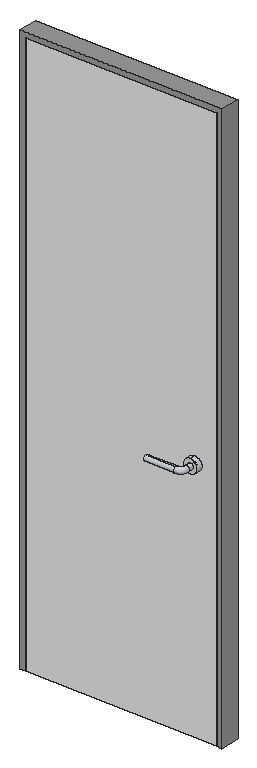
Revit family "- Horizon", category Doors, host Wall, Revit 2018
Family settings
  Host = Wall
  OmniClass Number = 23.30.10.00
  OmniClass Title = Doors
  Always vertical = Yes
  Cut with Voids When Loaded = No
  Shared = No
  Room Calculation Point = No
Parameters (values of type "- 70 x 210 cm")
  Set de Marcos = ""
  Relleno = ""
  Material Marco = - Perfil Aluminio
  Material Hoja = - HDF Prefinish
  Manilla = - Manilla
  Hojas = "Simple de Abatir"
  Function = Interior
  Frame Projection Ext. = 2.50 cm
  Frame Projection Int. = 2.50 cm
  Frame Width = 7.50 cm
  Height = 210.00 cm
  Wall Closure = By host
  Width = 74.00 cm
  Distancia a Cara Interior = 6.00 cm
  Bisagras = ""
  Ancho Hoja = Width - 4.00 cm  # 70.00 cm
  Ancho = Width  # 74.00 cm
  Analytic Construction = "<None>"
  Alto = Height  # 210.00 cm
Types (10, lengths in cm): name | Material Hoja | Height | Width | Ancho Hoja | Ancho | Alto
  - 70 x 200 cm | none | 200.00 | 74.00 | 70.00 | 74.00 | 200.00
  - 75 x 200 cm | none | 200.00 | 79.00 | 75.00 | 79.00 | 200.00
  - 80 x 200 cm | none | 200.00 | 84.00 | 80.00 | 84.00 | 200.00
  - 85 x 200 cm | none | 200.00 | 89.00 | 85.00 | 89.00 | 200.00
  - 90 x 200 cm | none | 200.00 | 94.00 | 90.00 | 94.00 | 200.00
  - 70 x 210 cm | - HDF Prefinish | 210.00 | 74.00 | 70.00 | 74.00 | 210.00
  - 75 x 210 cm | none | 210.00 | 79.00 | 75.00 | 79.00 | 210.00
  - 80 x 210 cm | none | 210.00 | 84.00 | 80.00 | 84.00 | 210.00
  - 85 x 210 cm | none | 210.00 | 89.00 | 85.00 | 89.00 | 210.00
  - 90 x 210 cm | - HDF Prefinish | 210.00 | 94.00 | 90.00 | 94.00 | 210.00
Reference planes (cm)
  plane 1: y = 0
  plane 2 "Center (Left/Right)": x = 0
  plane 3 "Left": x = -37
  plane 4 "Right": x = 37
  plane 5: z = 210
  plane 6 "Exterior": y = 7.5
  plane 7 "Interior": y = -7.5
  plane 8: y = -1.5
  plane 9: z = 208
  plane 10: x = -35
  plane 11: x = 35
Forms (cm)
  Sweep 1, solid, material "- Perfil Aluminio" <- "Material Marco"
    path origin (0, 7.5, 0) x (1, 0, 0) y (0, 0, 1)
      loop
        line (37, 0) -> (37, 210) -> (-37, 210) -> (-37, 0)
    profile origin (37, 7.5, 105) x (-1, 0, 0) y (0, -1, 0)
      loop
        line (0, 2) -> (3, 2) -> (3, 4.3) -> (2, 4.3) -> (2, 9) -> (0, 9) -> (0, 2)
  Extrusion 2, solid, material "- HDF Prefinish" <- "Material Hoja"
    sketch origin (0, 0, 0) x (1, 0, 0) y (0, 1, 0)
      loop
        line (-35, -1.5) -> (35, -1.5) -> (35, 3) -> (-35, 3) -> (-35, -1.5)
    from 0 to 208
  Sweep 3, solid, material "- Manilla" <- "Manilla", not visible
    path origin (5.8483, -7.5601, 0) x (1, 0, 0) y (0, 1, 0)
      loop
        line (22.1517, 15.0613) -> (32.1517, 15.0613)
        arc (32.1517, 15.0613) -> (33.5659, 14.4756) -> (34.1517, 13.0613) r 2
        line (34.1517, 13.0613) -> (34.1517, 11.0613)
    profile origin (33, 7.5012, 0) x (0, 1, 0) y (0, 0, 1)
      loop
        circle (0, 90) r 1
  Extrusion 4, solid, material "- Manilla" <- "Manilla", not visible
    sketch origin (0, 7.5, 0) x (1, 0, 0) y (0, 0, 1)
      loop
        circle (40, 90) r 2.5
    from 3.9988 to 5
Lines and regions (cm)
  Opening 1
    outline origin (-305, -7.5, 0) x (1, 0, 0) y (0, 0, 1)
      loop
        line (268, 0) -> (342, 0) -> (342, 210) -> (268, 210) -> (268, 0)
  symbolic lines, style "Elevation Swing"
    curve 1: line (37, -7.5, 105) -> (-37, -7.5, 210)
    curve 2: line (37, -7.5, 105) -> (-37, -7.5, 0)
    curve 7: arc (-30.5, -71.5, 0) -> (16.4246, -49.6941, 0) -> (35.2596, -1.5001, 0) r 69.4706
  symbolic lines
    curve 3: line (-35, -1.5, 0) -> (-35, -71.5, 0)
    curve 4: line (-30.5, -1.5, 0) -> (-35, -1.5, 0)
    curve 5: line (-30.5, -71.5, 0) -> (-30.5, -1.5, 0)
    curve 6: line (-35, -71.5, 0) -> (-30.5, -71.5, 0)
  model lines
    curve 8: line (-21, 3, 30) -> (-9, 3, 30)
    curve 9: line (-20, 3, 31) -> (-10, 3, 31)
    curve 10: line (-18, 3, 33) -> (-12, 3, 33)
    curve 11: line (-24, 3, 25) -> (24, 3, 25)
    curve 12: line (-24, 3, 65) -> (-24, 3, 25)
    curve 13: line (24, 3, 65) -> (8.6603, 3, 65)
    curve 14: line (24, 3, 25) -> (24, 3, 65)
    curve 15: line (-24.1681, 3, 75) -> (-8.6603, 3, 75)
    curve 16: line (-24.1681, 3, 75) -> (-24.1681, 3, 172.583)
    curve 17: line (24.2159, 3, 75) -> (24.2159, 3, 172.5006)
    curve 18: arc (-8.6603, 3, 65) -> (0, 3, 60) -> (8.6603, 3, 65) r 10
    curve 19: line (8.6603, 3, 75) -> (24.2159, 3, 75)
    curve 20: line (-8.6603, 3, 65) -> (-24, 3, 65)
    curve 21: arc (8.6603, 3, 75) -> (0, 3, 80) -> (-8.6603, 3, 75) r 10
    curve 22: arc (17.4678, 3, 179.2487) -> (0.0523, 3, 188.4243) -> (-17.4111, 3, 179.34) r 21.2209
    curve 23: arc (-24.1681, 3, 172.583) -> (-19.3902, 3, 174.5621) -> (-17.4111, 3, 179.34) r 6.7571
    curve 24: arc (17.4678, 3, 179.2487) -> (19.4443, 3, 174.477) -> (24.2159, 3, 172.5006) r 6.7481
    curve 39: line (-24, -1.5, 25) -> (24, -1.5, 25)
    curve 40: line (-24, -1.5, 65) -> (-24, -1.5, 25)
    curve 41: line (24, -1.5, 65) -> (8.6603, -1.5, 65)
    curve 42: line (24, -1.5, 25) -> (24, -1.5, 65)
    curve 43: line (-24.2159, -1.5, 75) -> (-8.6603, -1.5, 75)
    curve 44: line (-24.2159, -1.5, 75) -> (-24.2159, -1.5, 172.5006)
    curve 45: line (24.1681, -1.5, 75) -> (24.1681, -1.5, 172.583)
    curve 46: arc (-8.6603, -1.5, 65) -> (0, -1.5, 60) -> (8.6603, -1.5, 65) r 10
    curve 47: line (8.6603, -1.5, 75) -> (24.1681, -1.5, 75)
    curve 48: line (-8.6603, -1.5, 65) -> (-24, -1.5, 65)
    curve 49: arc (8.6603, -1.5, 75) -> (0, -1.5, 80) -> (-8.6603, -1.5, 75) r 10
    curve 50: arc (17.4111, -1.5, 179.34) -> (-0.0523, -1.5, 188.4243) -> (-17.4678, -1.5, 179.2487) r 21.2209
    curve 51: arc (-24.2159, -1.5, 172.5006) -> (-19.4443, -1.5, 174.477) -> (-17.4678, -1.5, 179.2487) r 6.7481
    curve 52: arc (17.4111, -1.5, 179.34) -> (19.3902, -1.5, 174.5621) -> (24.1681, -1.5, 172.583) r 6.7571
  model lines, not visible
    curve 25: line (-24, 3, 25) -> (24, 3, 25)
    curve 26: line (-24, 3, 65) -> (-24, 3, 25)
    curve 27: line (24, 3, 65) -> (8.6603, 3, 65)
    curve 28: line (24, 3, 25) -> (24, 3, 65)
    curve 29: line (-24.1681, 3, 75) -> (-8.6603, 3, 75)
    curve 30: line (-24.1681, 3, 75) -> (-24.1681, 3, 172.583)
    curve 31: line (24.2159, 3, 75) -> (24.2159, 3, 172.5006)
    curve 32: arc (-8.6603, 3, 65) -> (0, 3, 60) -> (8.6603, 3, 65) r 10
    curve 33: line (8.6603, 3, 75) -> (24.2159, 3, 75)
    curve 34: line (-8.6603, 3, 65) -> (-24, 3, 65)
    curve 35: arc (8.6603, 3, 75) -> (0, 3, 80) -> (-8.6603, 3, 75) r 10
    curve 36: arc (17.4678, 3, 179.2487) -> (0.0523, 3, 188.4243) -> (-17.4111, 3, 179.34) r 21.2209
    curve 37: arc (-24.1681, 3, 172.583) -> (-19.3902, 3, 174.5621) -> (-17.4111, 3, 179.34) r 6.7571
    curve 38: arc (17.4678, 3, 179.2487) -> (19.4443, 3, 174.477) -> (24.2159, 3, 172.5006) r 6.7481
    curve 53: line (-318, -1.5, 25) -> (-270, -1.5, 25)
    curve 54: line (-318, -1.5, 65) -> (-318, -1.5, 25)
    curve 55: line (-270, -1.5, 65) -> (-285.3397, -1.5, 65)
    curve 56: line (-270, -1.5, 25) -> (-270, -1.5, 65)
    curve 57: line (-318.2159, -1.5, 75) -> (-302.6603, -1.5, 75)
    curve 58: line (-318.2159, -1.5, 75) -> (-318.2159, -1.5, 172.5006)
    curve 59: line (-269.8319, -1.5, 75) -> (-269.8319, -1.5, 172.583)
    curve 60: arc (-302.6603, -1.5, 65) -> (-294, -1.5, 60) -> (-285.3397, -1.5, 65) r 10
    curve 61: line (-285.3397, -1.5, 75) -> (-269.8319, -1.5, 75)
    curve 62: line (-302.6603, -1.5, 65) -> (-318, -1.5, 65)
    curve 63: arc (-285.3397, -1.5, 75) -> (-294, -1.5, 80) -> (-302.6603, -1.5, 75) r 10
    curve 64: arc (-276.5889, -1.5, 179.34) -> (-294.0523, -1.5, 188.4243) -> (-311.4678, -1.5, 179.2487) r 21.2209
    curve 65: arc (-318.2159, -1.5, 172.5006) -> (-313.4443, -1.5, 174.477) -> (-311.4678, -1.5, 179.2487) r 6.7481
    curve 66: arc (-276.5889, -1.5, 179.34) -> (-274.6098, -1.5, 174.5621) -> (-269.8319, -1.5, 172.583) r 6.7571
Text (cm)
  text "Exterior" at (-229.5016, 109.9543, 0), in view "Ref. Level"
  text "Exterior" at (0, 161.538, 369.8081), in view "Left"
  text "Exterior" at (0, 103.6032, 387.4932), in view "Right"
Dimensions and locks (cm)
  equal spacing: plane 3 "Left", plane 2 "Center (Left/Right)", plane 4 "Right"
  "Width": plane 3 "Left" to plane 4 "Right"
  "Height": plane 5 to host wall
  equal spacing: host wall, curve 2, plane 5
  host wall to plane 5 = 210.00 cm
  locked: plane 6 "Exterior" to host wall at 0
  locked: plane 7 "Interior" to host wall
  "Distancia a Cara Interior": plane 7 "Interior" to plane 8
  locked: Sweep 1 sketch curve to Sweep 1 sketch curve at 7
  locked: plane 9 to plane 5 at 2
  locked: curve 3 to curve 5 at 4.5
  locked: plane 3 "Left" to plane 10 at 2
  locked: plane 11 to plane 4 "Right" at 2
  "Ancho Hoja": curve 6 to curve 4
  locked: Extrusion 2 sketch curve to Extrusion 2 sketch curve at 4.5
  locked: nested 1 to plane 4 "Right" at 10
  level to nested 1 = 90.00 cm
  locked: nested 2 to plane 4 "Right" at 10
  locked: nested 2 to level at 90
  locked: Sweep 1 sketch curve to Sweep 1 sketch curve at 2.3
  locked: curve 22 to Extrusion 2 at 188.4244
  plane 2 "Center (Left/Right)" to curve 16 = 24.1681 cm
  locked: curve 50 to Extrusion 2 at 188.4244
  curve 45 to plane 2 "Center (Left/Right)" = 24.1681 cm
  aligned and locked: plane 3 "Left" to Opening 1 sketch curve
  aligned and locked: plane 5 to Opening 1 sketch curve  (x2)
  aligned and locked: Opening 1 sketch curve to plane 4 "Right"
  aligned and locked: Opening 1 sketch curve to level
  aligned and locked: plane 5 to curve 1
  aligned and locked: plane 3 "Left" to curve 2
  aligned and locked: plane 1 to host wall
  aligned and locked: plane 3 "Left" to curve 1
  aligned and locked: plane 8 to Sweep 1 sketch curve
  aligned and locked: Extrusion 2 sketch curve to plane 8
  aligned and locked: Sweep 1 to level
  aligned and locked: plane 10 to curve 3
  aligned and locked: Sweep 3 to Extrusion 4
  aligned and locked: Extrusion 2 to plane 9
Automatic sketch dimensions
  plane 4 "Right" to curve 2 = 0.00 cm
  curve 2 to level = 0.00 cm
  plane 3 "Left" to Sweep 1 sketch curve = 0.00 cm
  plane 4 "Right" to Sweep 1 sketch curve = 0.00 cm
  Sweep 1 sketch curve to level = 0.00 cm  (x2)
  Sweep 1 sketch curve to plane 5 = 0.00 cm
  Sweep 1 sketch curve to profile plane = 0.00 cm
  Sweep 1 sketch curve to profile plane = 2.00 cm
  Sweep 1 sketch curve to Sweep 1 sketch curve = 1.00 cm
  curve 7 to plane 8 = 0.0001 cm
  curve 7 to plane 11 = 0.2596 cm
  curve 4 to plane 8 = 0.00 cm
  curve 7 to plane 10 = 0.7919 cm
  Sweep 3 sketch curve to Sweep 3 sketch curve = 10.00 cm
  Sweep 3 sketch curve to Sweep 3 sketch curve = 2.00 cm  (x2)
  Sweep 3 sketch curve to profile plane = 0.00 cm
  profile plane to Sweep 3 sketch curve = 90.00 cm
  Extrusion 2 sketch curve to plane 10 = 0.00 cm
  Extrusion 2 sketch curve to plane 11 = 0.00 cm
  curve 9 to curve 8 = 1.00 cm
  curve 10 to curve 9 = 2.00 cm
  Extrusion 2 to curve 8 = 44.00 cm
  curve 10 to curve 10 = 6.00 cm
  Extrusion 2 to curve 8 = 30.00 cm
  curve 8 to curve 9 = 1.00 cm  (x2)
  curve 9 to curve 10 = 2.00 cm  (x2)
  curve 46 to curve 49 = 0.00 cm  (x6)
  curve 46 to curve 43 = 10.00 cm
  curve 46 to curve 48 = 10.00 cm
  curve 41 to curve 47 = 10.0014 cm
  curve 18 to curve 15 = 8.6603 cm
  curve 18 to curve 20 = 8.6603 cm
  curve 13 to curve 19 = 10.00 cm
  curve 32 to curve 29 = 8.6603 cm
  curve 32 to curve 34 = 8.6603 cm
  curve 27 to curve 33 = 10.00 cm
  curve 60 to curve 63 = 0.00 cm  (x6)
  curve 60 to curve 57 = 10.00 cm
  curve 60 to curve 62 = 10.00 cm
  curve 55 to curve 61 = 10.0014 cm
  curve 44 to curve 40 = 0.2159 cm
  curve 48 to curve 49 = 8.6603 cm
  curve 46 to curve 41 = 8.6603 cm
  curve 46 to curve 47 = 8.6603 cm
  curve 41 to curve 47 = 10.00 cm
  curve 58 to curve 54 = 0.2159 cm
  curve 62 to curve 63 = 8.6603 cm
  curve 60 to curve 55 = 8.6603 cm
  curve 60 to curve 61 = 8.6603 cm
  curve 55 to curve 61 = 10.00 cm
  curve 45 to curve 52 = 6.7571 cm
  curve 43 to curve 46 = 8.6603 cm
  curve 51 to curve 50 = 24.2192 cm
  curve 50 to curve 45 = 24.1648 cm
  curve 49 to curve 50 = 92.2035 cm
  curve 50 to curve 45 = 5.3795 cm
  curve 50 to curve 44 = 5.2971 cm
  curve 43 to curve 43 = 15.5556 cm
  curve 42 to curve 45 = 0.1681 cm
  curve 39 to curve 41 = 40.00 cm
  curve 46 to curve 47 = 5.00 cm
  curve 59 to curve 66 = 6.7571 cm
  curve 57 to curve 60 = 8.6603 cm
  curve 65 to curve 64 = 24.2192 cm
  curve 64 to curve 59 = 24.1648 cm
  curve 63 to curve 64 = 92.2035 cm
  curve 64 to curve 59 = 5.3795 cm
  curve 64 to curve 58 = 5.2971 cm
  curve 57 to curve 57 = 15.5556 cm
  curve 56 to curve 59 = 0.1681 cm
  curve 53 to curve 55 = 40.00 cm
  curve 60 to curve 61 = 5.00 cm
  curve 19 to curve 13 = 0.2159 cm
  curve 17 to curve 24 = 6.7481 cm
  curve 18 to curve 19 = 0.00 cm
  curve 22 to curve 22 = 17.4711 cm
  curve 22 to curve 23 = 24.1648 cm
  curve 15 to curve 22 = 92.2035 cm
  curve 22 to curve 17 = 5.2971 cm
  curve 22 to curve 16 = 5.3795 cm
  curve 18 to curve 21 = 0.00 cm  (x4)
  curve 17 to curve 19 = 15.5556 cm
  curve 19 to curve 18 = 8.6603 cm
  curve 20 to curve 15 = 0.1681 cm
  curve 11 to curve 13 = 40.00 cm
  curve 13 to curve 18 = 5.00 cm
  curve 33 to curve 27 = 0.2159 cm
  curve 31 to curve 38 = 6.7481 cm
  curve 32 to curve 33 = 0.00 cm
  curve 36 to curve 36 = 17.4711 cm
  curve 36 to curve 37 = 24.1648 cm
  curve 29 to curve 36 = 92.2035 cm
  curve 36 to curve 31 = 5.2971 cm
  curve 36 to curve 30 = 5.3795 cm
  curve 32 to curve 35 = 0.00 cm  (x4)
  curve 31 to curve 33 = 15.5556 cm
  curve 33 to curve 32 = 8.6603 cm
  curve 34 to curve 29 = 0.1681 cm
  curve 25 to curve 27 = 40.00 cm
  curve 27 to curve 32 = 5.00 cm
  radius of Sweep 3 sketch curve = 1.00 cm
  radius of Extrusion 4 sketch curve = 2.50 cm
Nested families (cm)
  nested 1: "- Manilla Generica Puerta" at (27, 3, 90) x (0, 0, -1) z (0, 1, 0), type "- Manilla Generica Puerta"
  nested 2: "- Manilla Generica Puerta" at (27, -1.5, 90) x (0, 0, -1) z (0, -1, 0), type "- Manilla Generica Puerta"
Definition of nested family "- Manilla Generica Puerta"
  Parameters (values of type "- Manilla Generica Puerta")
    Manilla = none
    Default Elevation = 121.92 cm
  Reference planes (cm)
    plane 1 "Center (Front/Back)": y = 0
    plane 2: z = 0
    plane 3 "Center (Left/Right)": x = 0
    plane 4: z = 2
  Forms (cm)
    Extrusion 1, solid
      sketch origin (0, 0, 0) x (1, 0, 0) y (0, 1, 0)
        loop
          line (-121.92, 121.92) -> (-121.92, -121.92) -> (121.92, -121.92) -> (121.92, 121.92) -> (-121.92, 121.92)
      from 0 to -30.48
    Extrusion 2, solid, material <- "Manilla"
      sketch origin (0, 0, 0) x (1, 0, 0) y (0, 1, 0)
        loop
          circle (0, 0) r 2.5
      from 0 to 2
    Sweep 3, solid, material <- "Manilla"
      path origin (0, 0, 0) x (0, 1, 0) y (0, 0, 1)
        loop
          line (0, 2) -> (0, 4)
          arc (0, 4) -> (0.5858, 5.4142) -> (2, 6) r 2
          line (2, 6) -> (13, 6)
      profile origin (0, 0, 3) x (0, -1, 0) y (1, 0, 0)
        loop
          circle (0, 0) r 1
  Dimensions and locks (cm)
    locked: Extrusion 2 to Extrusion 2 at 2
    locked: plane 4 to level at 2
    aligned and locked: plane 2 to Extrusion 1
    aligned and locked: level to Extrusion 1
    aligned and locked: plane 4 to Sweep 3
